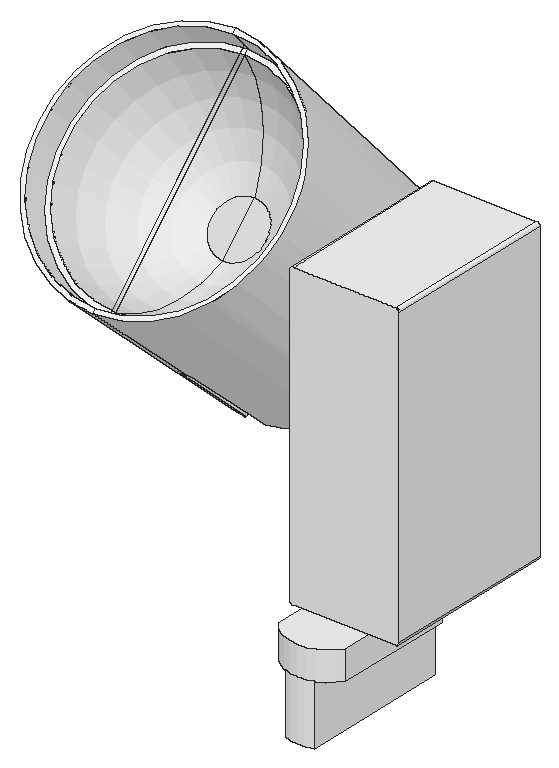
Revit family "0004877 Feilo Sylvania Lighting Fixture START TRACK SPOT L 35W 4K RA90 NB WHITE", category Lighting Fixtures, host Face, Revit 2017
Family settings
  Host = Face
  Round Connector Dimension = Use Diameter
  Part Type = Normal
  OmniClass Number = 23.80.70.00
  OmniClass Title = Lighting
  Cut with Voids When Loaded = No
  Light Source = No
  Shared = No
  Room Calculation Point = No
Parameters (values of type "0004877 START TRACK SPOT L 35W 4K RA90 NB WHITE")
  Weight = "1.368 kg"
  Wattage Comments = ""
  WarrantyStartDate [instance] = "n/a"
  WarrantyGuarantorParts = "n/a"
  WarrantyDurationUnit = "n/a"
  WarrantyDurationParts = "n/a"
  WarrantyDescription = "n/a"
  Voltage = 230 V
  URL = "http://www.sylvania-lighting.com"
  TypeName = "START TRACK SPOT L 35W 4K RA90 NB WHITE"
  TypeHead_FEILO = Start Track Spot Head : 0004877 START TRACK SPOT L 35W 4K RA90 NB WHITE
  TypeBox_FEILO = Start Track Spot Box : Type Large White
  Type Image = <None>
  Type Comments = "n/a"
  VerticalRotation_FEILO [instance] = 0.00°
  SlideEndAngle_FEILO [instance] = VerticalRotation_FEILO + 180.00°  # 180.00°
  SerialNumber [instance] = "n/a"
  Material_3_FEILO = none
  PowerFactor = 0.93
  PowerConsumption = "35 W"
  NominalLength = 0 mm
  NominalHeight = 240 mm
  NominalDepth = 164 mm
  Name = "START TRACK SPOT L 35W 4K RA90 NB WHITE"
  ModelReference = Name  # "START TRACK SPOT L 35W 4K RA90 NB WHITE"
  ModelNumber = "0004877"
  Model = Name  # "START TRACK SPOT L 35W 4K RA90 NB WHITE"
  Material = "adc12 aluminium housing, polycarbonate diffuser"
  ManufacturerName = "Feilo Sylvania"
  Manufacturer = "Feilo Sylvania"
  LuminousEfficacy = "103 lm/W"
  LuminaireType = ""
  LightOutputRatio = "100"
  LampsType = Lamp  # "LED"
  LampNominalLuminous = "3593 lm"
  LampMacAdamStep = "3"
  LampColourTemperature = "4000 K"
  LampColourRenderingIndex = "90"
  Lamp = "LED"
  Keynote = "16500"
  InstallationDate [instance] = "n/a"
  InputVoltage = "230-240V~"
  InputNominalFrequency = "50/60 Hz"
  IngressProtection = "IP20"
  ImpactProtectionIndex = "IK02"
  IfcExportType = "IfcLightFixtureType"
  IfcExportAs = "IfcLightFixtureType"
  HorizontalRotation_FEILO [instance] = 45.00°
  ExpectedLife = 50000
  ElectricShockClassification = "Class II"
  DurationUnit = "hours"
  DocumentationLiterature = "http://www.sylvania-lighting.com/product/en-int/products/0004877"
  DimmingControlOptions = "Non dimmable"
  Material_2_FEILO = none
  Description = "Integrated LED spotlight, Textured White - RAL9016, compact and minimalist design, ideal for retail applications, die-cast aluminium body, passive cooling heatsink. Beam angle: 15°, color temperature: 4000K , total system power: 35W, total fixture output: 3593 lm, LOR: 100%, colour rendering: Ra: 90 typical, LED Chromaticity: 3 step MacAdam ellipse, lifetime: >50000 hours at L70B50, energy class: A++, A+, A, IR/UV free light source without heat radiation, operating voltage: 220-240V / 50-60Hz, drive current: 900mA, electronic driver, non-dimmable, power factor: 0.93, electrical protection: Class II, Global Track 3 Phase adapter suitable for Global trac 3-circuit tracks, ingress protection rating: IP20, suitable for internal environment only, horizontal rotation: 355°, vertical tilt: 90°, dimensions: Ø113x164x240, weight: 1.368kg."
  Default Elevation = 1219.2 mm
  CreatedOn = "12/12/2017"
  CreatedBy = ""
  Cost = 0
  built-in parameter 1114216 [instance] = (empty or 0)
  ClassificationValue = "EF_70_80"
  ClassificationName = "Uniclass2015"
  Material_1_FEILO = Body-Sylvania-StartTrackSpot-White
  BarCode [instance] = "n/a"
  AssetType = "Fixed"
  AssetIdentifier [instance] = "n/a"
  Assembly Code = "D5020200"
  Apparent Load = 35 VA
  Material_4_FEILO = none
Reference planes
  plane 1 "Center (Front/Back)": y = 0
  plane 2: z = 0
  plane 3 "Center (Left/Right)": x = 0
  plane 4: x = 15
  plane 5: x = -15
  plane 6: y = 35
  plane 7: y = -35
  plane 8: z = 13
  plane 9: z = -27
  plane 10: x = 6.5
  plane 11: x = -6.5
  plane 12: y = 27
  plane 13: y = -27
  plane 14: y = 20
Forms (mm)
  Extrusion 1, solid, material "Body-Sylvania-StartTrackSpot-White" <- "Material_1_FEILO"
    sketch origin (0, 0, 0) x (1, 0, 0) y (0, 1, 0)
      loop
        line (-15, 27) -> (-15, -27)
        arc (-15, -27) -> (0, -35) -> (15, -27) r 18.062
        line (15, -27) -> (15, 27)
        arc (15, 27) -> (0, 35) -> (-15, 27) r 18.062
    from 0 to 13
  Extrusion 2, solid, material "Body-Sylvania-StartTrackSpot-White" <- "Material_1_FEILO"
    sketch origin (0, 0, 0) x (1, 0, 0) y (0, 1, 0)
      loop
        arc (6.5, 33.79) -> (0, 35) -> (-6.5, 33.79) r 18.062
        line (-6.5, 33.79) -> (-6.5, -33.79)
        arc (-6.5, -33.79) -> (0, -35) -> (6.5, -33.79) r 18.062
        line (6.5, -33.79) -> (6.5, 33.79)
    from 0 to -27
  Revolve 3, solid, not visible
    sketch origin (1524, 20, 1219.2) x (1, 0, 0) y (0, 0, 1)
      loop
        line (-1524, -1206.2) -> (-1524, -1191.285) -> (-1530.5, -1191.285) -> (-1530.5, -1206.2) -> (-1524, -1206.2)
      axis (-1524, -1191.285) -> (-1524, -1206.2)
    angle from 0 <- "VerticalRotation_FEILO" to 180 <- "SlideEndAngle_FEILO"
Cuts and joins
  joined: Extrusion 1, Extrusion 2
Dimensions and locks
  equal spacing: plane 10, plane 3 "Center (Left/Right)", plane 11
  equal spacing: plane 4, plane 3 "Center (Left/Right)", plane 5
  locked: plane 8 to plane 2 at 13
  locked: plane 8 to plane 9 at 40
  equal spacing: plane 13, plane 1 "Center (Front/Back)", plane 12
  locked: plane 12 to plane 6 at 8
  locked: plane 14 to plane 6 at 15
  locked: Revolve 3 sketch curve to plane 8 at 14.915
  aligned and locked: plane 2 to host face
  aligned and locked: level to host face
  aligned and locked: plane 5 to Extrusion 1 sketch curve  (x2)
  aligned and locked: plane 12 to Extrusion 1 sketch curve
  aligned and locked: plane 13 to Extrusion 1 sketch curve
  aligned and locked: plane 4 to Extrusion 1 sketch curve
  aligned and locked: Extrusion 1 to plane 8
  aligned and locked: Extrusion 1 to level
  aligned and locked: Extrusion 2 sketch curve to Extrusion 1  (x2)
  aligned and locked: Extrusion 2 sketch curve to plane 11
  aligned and locked: plane 10 to Extrusion 2 sketch curve
  aligned and locked: plane 9 to Extrusion 2
  aligned and locked: level to Extrusion 2
  aligned and locked: Revolve 3 sketch curve to plane 3 "Center (Left/Right)"  (x2)
  aligned and locked: plane 11 to Revolve 3 sketch curve
  aligned and locked: Revolve 3 sketch curve to plane 8
Automatic sketch dimensions
  host sketch curve to host sketch curve = 2438.4 mm  (x2)
  Extrusion 1 sketch curve to plane 3 "Center (Left/Right)" = 0 mm  (x2)
  Extrusion 1 sketch curve to plane 13 = 10.062 mm
  plane 12 to Extrusion 1 sketch curve = 10.062 mm
  Revolve 3 sketch curve to plane 3 "Center (Left/Right)" = 0 mm
  plane 9 to Revolve 3 sketch curve = 582.6 mm
  Revolve 3 sketch curve to Revolve 3 sketch curve = 2581.144 mm
Nested families
  nested 1: "Start Track Spot Head" at (-75.5, 20, 133) x (0, 0.7071, 0.7071) z (0, 0.7071, -0.7071), type <- "TypeHead_FEILO", type "0004877 START TRACK SPOT L 35W 4K RA90 NB WHITE"
    with built-in parameter 1114216 (empty or 0)
  nested 2: "Start Track Spot Box" at (8.5, 20, 85) x (-1, 0, 0) z (0, -1, 0), BoxStartAngle_FEILO <- "HorizontalRotation_FEILO", type <- "TypeBox_FEILO", type "Type Large White"
    with BoxStartAngle_FEILO 45.00°, BoxEndAngle_FEILO -135.00°
Connectors
  electrical at (0, 0, 0), driven by "Apparent Load", driven by "PowerFactor", driven by "Voltage"
    settings: index 1, voltage 230 V, apparent load 35 VA, apparent load phase1 0 VA, apparent load phase2 0 VA, apparent load phase3 0 VA, power factor 0.93, load classification "Lighting", number of poles 1, system type 30, power factor state 1, is connector primary yes, connector utility no, sub classification motor no, connector description ""
Definition of nested family "Start Track Spot Head"
  Parameters (values of type "0004811 START TRACK SPOT S 14W 3K RA80 NB WHITE")
    Wattage Comments = "n/a"
    Wattage = 14 W
    built-in parameter 1150110 = 1 (stored number, unit not read)
    URL = "http://www.feilosylvania.com"
    Type Image = (empty or 0)
    Type Comments = "n/a"
    built-in parameter 1114217 = 1 (stored number, unit not read)
    Tilt Angle = -90.00°
    built-in parameter 1150109 = 1 (stored number, unit not read)
    built-in parameter 1150134 = (empty or 0)
    built-in parameter 1150113 = 1 (stored number, unit not read)
    Photometric Web File = "0004811.ies"
    Material_3_FEILO = none
    Model = "START TRACK SPOT S 14W 3K RA80 NB WHITE"
    Manufacturer = "Feilo Sylvania"
    built-in parameter 1150105 = 123.66 (stored number, unit not read)
    Lumens = 1554 lm
    built-in parameter 1150115 = 1 (stored number, unit not read)
    built-in parameter 1150137 = (empty or 0)
    built-in parameter 1150139 = (empty or 0)
    built-in parameter 1150112 = 1 (stored number, unit not read)
    built-in parameter 1150114 = 1 (stored number, unit not read)
    Lamp = "LED"
    Keynote = "16500"
    Material_2_FEILO = none
    built-in parameter 1150132 = (empty or 0)
    built-in parameter 1150102 = (empty or 0)
    built-in parameter 1150107 = 3000 (stored number, unit not read)
    built-in parameter 1150138 = (empty or 0)
    built-in parameter 1150106 = 1.2366 (stored number, unit not read)
    HeadThickness_FEILO = if(HeadDiaOut_FEILO > 112 mm, 2 mm, 1.5 mm)  # 1.5 mm
    HeadRibOffset_FEILO = HeadHeight_FEILO / 28  # 4.179 mm
    HeadRibDepth_FEILO = HeadHeight_FEILO / 2.1  # 55.714 mm
    HeadRibCutWidth_FEILO = HeadDiaOut_FEILO / 12  # 7.167 mm
    HeadRibCutOffset_FEILO = HeadHeight_FEILO / 2.3  # 50.87 mm
    HeadReflectorRadius_FEILO = HeadDiaOut_FEILO / 1.7  # 50.588 mm
    HeadReflectorOffset_FEILO = HeadHeight_FEILO / 2.1  # 55.714 mm
    HeadLEDRadius_FEILO = HeadDiaOut_FEILO / 9  # 9.556 mm
    HeadHeight_FEILO = 117 mm
    HeadDraft_FEILO = 1 mm
    HeadDiffusorThickness_FEILO = 3 mm
    HeadDiffusorOffset_FEILO = HeadHeight_FEILO / 12.4  # 9.435 mm
    HeadDiaOut_FEILO = 86 mm
    HeadDiaIn_FEILO = HeadDiaOut_FEILO / 1.11  # 77.477 mm
    HeadAxisFromTop_FEILO = HeadHeight_FEILO / 1.687  # 69.354 mm
    Emit from Circle Diameter = HeadDiaIn_FEILO  # 77.477 mm
    Emit Shape Visible in Rendering = no
    built-in parameter 1150104 = 10.312 (stored number, unit not read)
    Dimming Lamp Color Temperature Shift = (empty or 0)
    Description = "Integrated LED spotlight, Textured White - RAL9016, compact and minimalist design, ideal for retail applications, die-cast aluminium body, passive cooling heatsink. Beam angle: 12°, color temperature: 3000K , total system power: 14W, total fixture output: 1551 lm, LOR: 100%, colour rendering: Ra: 80 typical, LED Chromaticity: 3 step MacAdam ellipse, lifetime: >50000 hours at L70B50, energy class: A++, A+, A, IR/UV free light source without heat radiation, operating voltage: 220-240V / 50-60Hz, drive current: 350mA, electronic driver, non-dimmable, power factor: 0.92, electrical protection: Class II, Global Track 3 Phase adapter suitable for Global trac 3-circuit tracks, ingress protection rating: IP20, suitable for internal environment only, horizontal rotation: 355°, vertical tilt: 90°, dimensions: Ø86x140x200, weight: 0.940kg."
    Default Elevation = 1219.2 mm
    Cost = 0
    Color Filter = 16777215
    built-in parameter 1114216 [instance] = (empty or 0)
    Material_1_FEILO = none
    built-in parameter 1114218 = 1 (stored number, unit not read)
    built-in parameter 1150133 = 10 (stored number, unit not read)
    Assembly Code = "D5020200"
    Apparent Load = 14 VA
    Material_4_FEILO = none
  Types (96, lengths in mm): name | Wattage | built-in parameter 1150134 | Photometric Web File | Model | built-in parameter 1150105 | Lumens | built-in parameter 1150107 | built-in parameter 1150106 | HeadThickness_FEILO | HeadRibOffset_FEILO | HeadRibDepth_FEILO | HeadRibCutWidth_FEILO | HeadRibCutOffset_FEILO | HeadReflectorRadius_FEILO | HeadReflectorOffset_FEILO | HeadLEDRadius_FEILO | HeadHeight_FEILO | HeadDiffusorOffset_FEILO | HeadDiaOut_FEILO | HeadDiaIn_FEILO | HeadAxisFromTop_FEILO | Emit from Circle Diameter | built-in parameter 1150104 | Description | Apparent Load
    0004906 START TRACK SPOT L 55W 4K RA90 WB BLACK | 55 W | 12 | "0004906.ies" | "START TRACK SPOT L 55W 4K RA90 WB BLACK" | 385.15 (stored number, unit not read) | 4840 lm | 4000 (stored number, unit not read) | 3.8515 (stored number, unit not read) | 2 | 4.429 | 59.048 | 9.417 | 53.913 | 66.471 | 59.048 | 12.556 | 124 | 10 | 113 | 101.802 | 73.503 | 101.802 | 8.1755 (stored number, unit not read) | "Integrated LED spotlight, Textured Black - RAL9005, compact and minimalist design, ideal for retail applications, die-cast aluminium body, passive cooling heatsink. Beam angle: 52°, color temperature: 4000K , total system power: 55W, total fixture output: 4824 lm, LOR: 100%, colour rendering: Ra: 90 typical, LED Chromaticity: 3 step MacAdam ellipse, lifetime: >50000 hours at L70B50, energy class: A++, A+, A, IR/UV free light source without heat radiation, operating voltage: 220-240V / 50-60Hz, drive current: 1400mA, electronic driver, non-dimmable, power factor: 0.96, electrical protection: Class II, Global Track 3 Phase adapter suitable for Global trac 3-circuit tracks, ingress protection rating: IP20, suitable for internal environment only, horizontal rotation: 355°, vertical tilt: 90°, dimensions: Ø113x164x240, weight: 1.398kg." | 55 VA
    0004905 START TRACK SPOT L 55W 4K RA90 MB BLACK | 55 W | 12 | "0004905.ies" | "START TRACK SPOT L 55W 4K RA90 MB BLACK" | 389.53 (stored number, unit not read) | 4895 lm | 4000 (stored number, unit not read) | 3.8953 (stored number, unit not read) | 2 | 4.429 | 59.048 | 9.417 | 53.913 | 66.471 | 59.048 | 12.556 | 124 | 10 | 113 | 101.802 | 73.503 | 101.802 | 8.2684 (stored number, unit not read) | "Integrated LED spotlight, Textured Black - RAL9005, compact and minimalist design, ideal for retail applications, die-cast aluminium body, passive cooling heatsink. Beam angle: 38°, color temperature: 4000K , total system power: 55W, total fixture output: 4897 lm, LOR: 100%, colour rendering: Ra: 90 typical, LED Chromaticity: 3 step MacAdam ellipse, lifetime: >50000 hours at L70B50, energy class: A++, A+, A, IR/UV free light source without heat radiation, operating voltage: 220-240V / 50-60Hz, drive current: 1400mA, electronic driver, non-dimmable, power factor: 0.96, electrical protection: Class II, Global Track 3 Phase adapter suitable for Global trac 3-circuit tracks, ingress protection rating: IP20, suitable for internal environment only, horizontal rotation: 355°, vertical tilt: 90°, dimensions: Ø113x164x240, weight: 1.398kg." | 55 VA
    0004904 START TRACK SPOT L 55W 4K RA90 NB BLACK | 55 W | 12 | "0004904.ies" | "START TRACK SPOT L 55W 4K RA90 NB BLACK" | 393.91 (stored number, unit not read) | 4950 lm | 4000 (stored number, unit not read) | 3.9391 (stored number, unit not read) | 2 | 4.429 | 59.048 | 9.417 | 53.913 | 66.471 | 59.048 | 12.556 | 124 | 10 | 113 | 101.802 | 73.503 | 101.802 | 8.3613 (stored number, unit not read) | "Integrated LED spotlight, Textured Black - RAL9005, compact and minimalist design, ideal for retail applications, die-cast aluminium body, passive cooling heatsink. Beam angle: 15°, color temperature: 4000K , total system power: 55W, total fixture output: 4965 lm, LOR: 100%, colour rendering: Ra: 90 typical, LED Chromaticity: 3 step MacAdam ellipse, lifetime: >50000 hours at L70B50, energy class: A++, A+, A, IR/UV free light source without heat radiation, operating voltage: 220-240V / 50-60Hz, drive current: 1400mA, electronic driver, non-dimmable, power factor: 0.96, electrical protection: Class II, Global Track 3 Phase adapter suitable for Global trac 3-circuit tracks, ingress protection rating: IP20, suitable for internal environment only, horizontal rotation: 355°, vertical tilt: 90°, dimensions: Ø113x164x240, weight: 1.398kg." | 55 VA
    0004903 START TRACK SPOT L 35W 4K RA90 WB BLACK | 35 W | 12 | "0004903.ies" | "START TRACK SPOT L 35W 4K RA90 WB BLACK" | 284.09 (stored number, unit not read) | 3570 lm | 4000 (stored number, unit not read) | 2.8409 (stored number, unit not read) | 2 | 4.429 | 59.048 | 9.417 | 53.913 | 66.471 | 59.048 | 12.556 | 124 | 10 | 113 | 101.802 | 73.503 | 101.802 | 9.4761 (stored number, unit not read) | "Integrated LED spotlight, Textured Black - RAL9005, compact and minimalist design, ideal for retail applications, die-cast aluminium body, passive cooling heatsink. Beam angle: 52°, color temperature: 4000K , total system power: 35W, total fixture output: 3562 lm, LOR: 100%, colour rendering: Ra: 90 typical, LED Chromaticity: 3 step MacAdam ellipse, lifetime: >50000 hours at L70B50, energy class: A++, A+, A, IR/UV free light source without heat radiation, operating voltage: 220-240V / 50-60Hz, drive current: 900mA, electronic driver, non-dimmable, power factor: 0.93, electrical protection: Class II, Global Track 3 Phase adapter suitable for Global trac 3-circuit tracks, ingress protection rating: IP20, suitable for internal environment only, horizontal rotation: 355°, vertical tilt: 90°, dimensions: Ø113x164x240, weight: 1.368kg." | 35 VA
    0004902 START TRACK SPOT L 35W 4K RA90 MB BLACK | 35 W | 12 | "0004902.ies" | "START TRACK SPOT L 35W 4K RA90 MB BLACK" | 286.88 (stored number, unit not read) | 3605 lm | 4000 (stored number, unit not read) | 2.8688 (stored number, unit not read) | 2 | 4.429 | 59.048 | 9.417 | 53.913 | 66.471 | 59.048 | 12.556 | 124 | 10 | 113 | 101.802 | 73.503 | 101.802 | 9.569 (stored number, unit not read) | "Integrated LED spotlight, Textured Black - RAL9005, compact and minimalist design, ideal for retail applications, die-cast aluminium body, passive cooling heatsink. Beam angle: 38°, color temperature: 4000K , total system power: 35W, total fixture output: 3616 lm, LOR: 100%, colour rendering: Ra: 90 typical, LED Chromaticity: 3 step MacAdam ellipse, lifetime: >50000 hours at L70B50, energy class: A++, A+, A, IR/UV free light source without heat radiation, operating voltage: 220-240V / 50-60Hz, drive current: 900mA, electronic driver, non-dimmable, power factor: 0.93, electrical protection: Class II, Global Track 3 Phase adapter suitable for Global trac 3-circuit tracks, ingress protection rating: IP20, suitable for internal environment only, horizontal rotation: 355°, vertical tilt: 90°, dimensions: Ø113x164x240, weight: 1.368kg." | 35 VA
    0004901 START TRACK SPOT L 35W 4K RA90 NB BLACK | 35 W | 12 | "0004901.ies" | "START TRACK SPOT L 35W 4K RA90 NB BLACK" | 286.88 (stored number, unit not read) | 3605 lm | 4000 (stored number, unit not read) | 2.8688 (stored number, unit not read) | 2 | 4.429 | 59.048 | 9.417 | 53.913 | 66.471 | 59.048 | 12.556 | 124 | 10 | 113 | 101.802 | 73.503 | 101.802 | 9.569 (stored number, unit not read) | "Integrated LED spotlight, Textured Black - RAL9005, compact and minimalist design, ideal for retail applications, die-cast aluminium body, passive cooling heatsink. Beam angle: 15°, color temperature: 4000K , total system power: 35W, total fixture output: 3593 lm, LOR: 100%, colour rendering: Ra: 90 typical, LED Chromaticity: 3 step MacAdam ellipse, lifetime: >50000 hours at L70B50, energy class: A++, A+, A, IR/UV free light source without heat radiation, operating voltage: 220-240V / 50-60Hz, drive current: 900mA, electronic driver, non-dimmable, power factor: 0.93, electrical protection: Class II, Global Track 3 Phase adapter suitable for Global trac 3-circuit tracks, ingress protection rating: IP20, suitable for internal environment only, horizontal rotation: 355°, vertical tilt: 90°, dimensions: Ø113x164x240, weight: 1.368kg." | 35 VA
    0004900 START TRACK SPOT S 24W 4K RA90 WB BLACK | 24 W | 12 | "0004900.ies" | "START TRACK SPOT S 24W 4K RA90 WB BLACK" | 166.16 (stored number, unit not read) | 2088 lm | 4000 (stored number, unit not read) | 1.6616 (stored number, unit not read) | 1.5 | 4.179 | 55.714 | 7.167 | 50.87 | 50.588 | 55.714 | 9.556 | 117 | 9.435 | 86 | 77.477 | 69.354 | 77.477 | 8.0826 (stored number, unit not read) | "Integrated LED spotlight, Textured Black - RAL9005, compact and minimalist design, ideal for retail applications, die-cast aluminium body, passive cooling heatsink. Beam angle: 64°, color temperature: 4000K , total system power: 24W, total fixture output: 2087 lm, LOR: 100%, colour rendering: Ra: 90 typical, LED Chromaticity: 3 step MacAdam ellipse, lifetime: >50000 hours at L70B50, energy class: A++, A+, A, IR/UV free light source without heat radiation, operating voltage: 220-240V / 50-60Hz, drive current: 600mA, electronic driver, non-dimmable, power factor: 0.95, electrical protection: Class II, Global Track 3 Phase adapter suitable for Global trac 3-circuit tracks, ingress protection rating: IP20, suitable for internal environment only, horizontal rotation: 355°, vertical tilt: 90°, dimensions: Ø86x140x200, weight: 0.966kg." | 24 VA
    0004899 START TRACK SPOT S 24W 4K RA90 MB BLACK | 24 W | 12 | "0004899.ies" | "START TRACK SPOT S 24W 4K RA90 MB BLACK" | 169.98 (stored number, unit not read) | 2136 lm | 4000 (stored number, unit not read) | 1.6998 (stored number, unit not read) | 1.5 | 4.179 | 55.714 | 7.167 | 50.87 | 50.588 | 55.714 | 9.556 | 117 | 9.435 | 86 | 77.477 | 69.354 | 77.477 | 8.2684 (stored number, unit not read) | "Integrated LED spotlight, Textured Black - RAL9005, compact and minimalist design, ideal for retail applications, die-cast aluminium body, passive cooling heatsink. Beam angle: 36°, color temperature: 4000K , total system power: 24W, total fixture output: 2141 lm, LOR: 100%, colour rendering: Ra: 90 typical, LED Chromaticity: 3 step MacAdam ellipse, lifetime: >50000 hours at L70B50, energy class: A++, A+, A, IR/UV free light source without heat radiation, operating voltage: 220-240V / 50-60Hz, drive current: 600mA, electronic driver, non-dimmable, power factor: 0.95, electrical protection: Class II, Global Track 3 Phase adapter suitable for Global trac 3-circuit tracks, ingress protection rating: IP20, suitable for internal environment only, horizontal rotation: 355°, vertical tilt: 90°, dimensions: Ø86x140x200, weight: 0.966kg." | 24 VA
    0004898 START TRACK SPOT S 24W 4K RA90 NB BLACK | 24 W | 12 | "0004898.ies" | "START TRACK SPOT S 24W 4K RA90 NB BLACK" | 171.89 (stored number, unit not read) | 2160 lm | 4000 (stored number, unit not read) | 1.7189 (stored number, unit not read) | 1.5 | 4.179 | 55.714 | 7.167 | 50.87 | 50.588 | 55.714 | 9.556 | 117 | 9.435 | 86 | 77.477 | 69.354 | 77.477 | 8.3613 (stored number, unit not read) | "Integrated LED spotlight, Textured Black - RAL9005, compact and minimalist design, ideal for retail applications, die-cast aluminium body, passive cooling heatsink. Beam angle: 12°, color temperature: 4000K , total system power: 24W, total fixture output: 2155 lm, LOR: 100%, colour rendering: Ra: 90 typical, LED Chromaticity: 3 step MacAdam ellipse, lifetime: >50000 hours at L70B50, energy class: A++, A+, A, IR/UV free light source without heat radiation, operating voltage: 220-240V / 50-60Hz, drive current: 600mA, electronic driver, non-dimmable, power factor: 0.95, electrical protection: Class II, Global Track 3 Phase adapter suitable for Global trac 3-circuit tracks, ingress protection rating: IP20, suitable for internal environment only, horizontal rotation: 355°, vertical tilt: 90°, dimensions: Ø86x140x200, weight: 0.966kg." | 24 VA
    0004897 START TRACK SPOT S 14W 4K RA90 WB BLACK | 14 W | 12 | "0004897.ies" | "START TRACK SPOT S 14W 4K RA90 WB BLACK" | 108.07 (stored number, unit not read) | 1358 lm | 4000 (stored number, unit not read) | 1.0807 (stored number, unit not read) | 1.5 | 4.179 | 55.714 | 7.167 | 50.87 | 50.588 | 55.714 | 9.556 | 117 | 9.435 | 86 | 77.477 | 69.354 | 77.477 | 9.0116 (stored number, unit not read) | "Integrated LED spotlight, Textured Black - RAL9005, compact and minimalist design, ideal for retail applications, die-cast aluminium body, passive cooling heatsink. Beam angle: 64°, color temperature: 4000K , total system power: 14W, total fixture output: 1352 lm, LOR: 100%, colour rendering: Ra: 90 typical, LED Chromaticity: 3 step MacAdam ellipse, lifetime: >50000 hours at L70B50, energy class: A++, A+, A, IR/UV free light source without heat radiation, operating voltage: 220-240V / 50-60Hz, drive current: 350mA, electronic driver, non-dimmable, power factor: 0.92, electrical protection: Class II, Global Track 3 Phase adapter suitable for Global trac 3-circuit tracks, ingress protection rating: IP20, suitable for internal environment only, horizontal rotation: 355°, vertical tilt: 90°, dimensions: Ø86x140x200, weight: 0.940kg." | 14 VA
    0004896 START TRACK SPOT S 14W 4K RA90 MB BLACK | 14 W | 12 | "0004896.ies" | "START TRACK SPOT S 14W 4K RA90 MB BLACK" | 108.07 (stored number, unit not read) | 1358 lm | 4000 (stored number, unit not read) | 1.0807 (stored number, unit not read) | 1.5 | 4.179 | 55.714 | 7.167 | 50.87 | 50.588 | 55.714 | 9.556 | 117 | 9.435 | 86 | 77.477 | 69.354 | 77.477 | 9.0116 (stored number, unit not read) | "Integrated LED spotlight, Textured Black - RAL9005, compact and minimalist design, ideal for retail applications, die-cast aluminium body, passive cooling heatsink. Beam angle: 36°, color temperature: 4000K , total system power: 14W, total fixture output: 1359 lm, LOR: 100%, colour rendering: Ra: 90 typical, LED Chromaticity: 3 step MacAdam ellipse, lifetime: >50000 hours at L70B50, energy class: A++, A+, A, IR/UV free light source without heat radiation, operating voltage: 220-240V / 50-60Hz, drive current: 350mA, electronic driver, non-dimmable, power factor: 0.92, electrical protection: Class II, Global Track 3 Phase adapter suitable for Global trac 3-circuit tracks, ingress protection rating: IP20, suitable for internal environment only, horizontal rotation: 355°, vertical tilt: 90°, dimensions: Ø86x140x200, weight: 0.940kg." | 14 VA
    0004895 START TRACK SPOT S 14W 4K RA90 NB BLACK | 14 W | 12 | "0004895.ies" | "START TRACK SPOT S 14W 4K RA90 NB BLACK" | 106.95 (stored number, unit not read) | 1344 lm | 4000 (stored number, unit not read) | 1.0695 (stored number, unit not read) | 1.5 | 4.179 | 55.714 | 7.167 | 50.87 | 50.588 | 55.714 | 9.556 | 117 | 9.435 | 86 | 77.477 | 69.354 | 77.477 | 8.9187 (stored number, unit not read) | "Integrated LED spotlight, Textured Black - RAL9005, compact and minimalist design, ideal for retail applications, die-cast aluminium body, passive cooling heatsink. Beam angle: 12°, color temperature: 4000K , total system power: 14W, total fixture output: 1349 lm, LOR: 100%, colour rendering: Ra: 90 typical, LED Chromaticity: 3 step MacAdam ellipse, lifetime: >50000 hours at L70B50, energy class: A++, A+, A, IR/UV free light source without heat radiation, operating voltage: 220-240V / 50-60Hz, drive current: 350mA, electronic driver, non-dimmable, power factor: 0.92, electrical protection: Class II, Global Track 3 Phase adapter suitable for Global trac 3-circuit tracks, ingress protection rating: IP20, suitable for internal environment only, horizontal rotation: 355°, vertical tilt: 90°, dimensions: Ø86x140x200, weight: 0.940kg." | 14 VA
    0004894 START TRACK SPOT L 55W 3K RA90 WB BLACK | 55 W | (empty or 0) | "0004894.ies" | "START TRACK SPOT L 55W 3K RA90 WB BLACK" | 350.14 (stored number, unit not read) | 4400 lm | 3000 (stored number, unit not read) | 3.5014 (stored number, unit not read) | 2 | 4.429 | 59.048 | 9.417 | 53.913 | 66.471 | 59.048 | 12.556 | 124 | 10 | 113 | 101.802 | 73.503 | 101.802 | 7.4322 (stored number, unit not read) | "Integrated LED spotlight, Textured Black - RAL9005, compact and minimalist design, ideal for retail applications, die-cast aluminium body, passive cooling heatsink. Beam angle: 52°, color temperature: 3000K , total system power: 55W, total fixture output: 4405 lm, LOR: 100%, colour rendering: Ra: 90 typical, LED Chromaticity: 3 step MacAdam ellipse, lifetime: >50000 hours at L70B50, energy class: A++, A+, A, IR/UV free light source without heat radiation, operating voltage: 220-240V / 50-60Hz, drive current: 1400mA, electronic driver, non-dimmable, power factor: 0.96, electrical protection: Class II, Global Track 3 Phase adapter suitable for Global trac 3-circuit tracks, ingress protection rating: IP20, suitable for internal environment only, horizontal rotation: 355°, vertical tilt: 90°, dimensions: Ø113x164x240, weight: 1.398kg." | 55 VA
    0004893 START TRACK SPOT L 55W 3K RA90 MB BLACK | 55 W | (empty or 0) | "0004893.ies" | "START TRACK SPOT L 55W 3K RA90 MB BLACK" | 354.52 (stored number, unit not read) | 4455 lm | 3000 (stored number, unit not read) | 3.5452 (stored number, unit not read) | 2 | 4.429 | 59.048 | 9.417 | 53.913 | 66.471 | 59.048 | 12.556 | 124 | 10 | 113 | 101.802 | 73.503 | 101.802 | 7.5251 (stored number, unit not read) | "Integrated LED spotlight, Textured Black - RAL9005, compact and minimalist design, ideal for retail applications, die-cast aluminium body, passive cooling heatsink. Beam angle: 38°, color temperature: 3000K , total system power: 55W, total fixture output: 4448 lm, LOR: 100%, colour rendering: Ra: 90 typical, LED Chromaticity: 3 step MacAdam ellipse, lifetime: >50000 hours at L70B50, energy class: A++, A+, A, IR/UV free light source without heat radiation, operating voltage: 220-240V / 50-60Hz, drive current: 1400mA, electronic driver, non-dimmable, power factor: 0.96, electrical protection: Class II, Global Track 3 Phase adapter suitable for Global trac 3-circuit tracks, ingress protection rating: IP20, suitable for internal environment only, horizontal rotation: 355°, vertical tilt: 90°, dimensions: Ø113x164x240, weight: 1.398kg." | 55 VA
    0004892 START TRACK SPOT L 55W 3K RA90 NB BLACK | 55 W | (empty or 0) | "0004892.ies" | "START TRACK SPOT L 55W 3K RA90 NB BLACK" | 350.14 (stored number, unit not read) | 4400 lm | 3000 (stored number, unit not read) | 3.5014 (stored number, unit not read) | 2 | 4.429 | 59.048 | 9.417 | 53.913 | 66.471 | 59.048 | 12.556 | 124 | 10 | 113 | 101.802 | 73.503 | 101.802 | 7.4322 (stored number, unit not read) | "Integrated LED spotlight, Textured Black - RAL9005, compact and minimalist design, ideal for retail applications, die-cast aluminium body, passive cooling heatsink. Beam angle: 15°, color temperature: 3000K , total system power: 55W, total fixture output: 4416 lm, LOR: 100%, colour rendering: Ra: 90 typical, LED Chromaticity: 3 step MacAdam ellipse, lifetime: >50000 hours at L70B50, energy class: A++, A+, A, IR/UV free light source without heat radiation, operating voltage: 220-240V / 50-60Hz, drive current: 1400mA, electronic driver, non-dimmable, power factor: 0.96, electrical protection: Class II, Global Track 3 Phase adapter suitable for Global trac 3-circuit tracks, ingress protection rating: IP20, suitable for internal environment only, horizontal rotation: 355°, vertical tilt: 90°, dimensions: Ø113x164x240, weight: 1.398kg." | 55 VA
    0004891 START TRACK SPOT L 35W 3K RA90 WB BLACK | 35 W | (empty or 0) | "0004891.ies" | "START TRACK SPOT L 35W 3K RA90 WB BLACK" | 259.02 (stored number, unit not read) | 3255 lm | 3000 (stored number, unit not read) | 2.5902 (stored number, unit not read) | 2 | 4.429 | 59.048 | 9.417 | 53.913 | 66.471 | 59.048 | 12.556 | 124 | 10 | 113 | 101.802 | 73.503 | 101.802 | 8.64 (stored number, unit not read) | "Integrated LED spotlight, Textured Black - RAL9005, compact and minimalist design, ideal for retail applications, die-cast aluminium body, passive cooling heatsink. Beam angle: 52°, color temperature: 3000K , total system power: 35W, total fixture output: 3260 lm, LOR: 100%, colour rendering: Ra: 90 typical, LED Chromaticity: 3 step MacAdam ellipse, lifetime: >50000 hours at L70B50, energy class: A++, A+, A, IR/UV free light source without heat radiation, operating voltage: 220-240V / 50-60Hz, drive current: 900mA, electronic driver, non-dimmable, power factor: 0.93, electrical protection: Class II, Global Track 3 Phase adapter suitable for Global trac 3-circuit tracks, ingress protection rating: IP20, suitable for internal environment only, horizontal rotation: 355°, vertical tilt: 90°, dimensions: Ø113x164x240, weight: 1.368kg." | 35 VA
    0004890 START TRACK SPOT L 35W 3K RA90 MB BLACK | 35 W | (empty or 0) | "0004890.ies" | "START TRACK SPOT L 35W 3K RA90 MB BLACK" | 261.81 (stored number, unit not read) | 3290 lm | 3000 (stored number, unit not read) | 2.6181 (stored number, unit not read) | 2 | 4.429 | 59.048 | 9.417 | 53.913 | 66.471 | 59.048 | 12.556 | 124 | 10 | 113 | 101.802 | 73.503 | 101.802 | 8.7329 (stored number, unit not read) | "Integrated LED spotlight, Textured Black - RAL9005, compact and minimalist design, ideal for retail applications, die-cast aluminium body, passive cooling heatsink. Beam angle: 38°, color temperature: 3000K , total system power: 35W, total fixture output: 3306 lm, LOR: 100%, colour rendering: Ra: 90 typical, LED Chromaticity: 3 step MacAdam ellipse, lifetime: >50000 hours at L70B50, energy class: A++, A+, A, IR/UV free light source without heat radiation, operating voltage: 220-240V / 50-60Hz, drive current: 900mA, electronic driver, non-dimmable, power factor: 0.93, electrical protection: Class II, Global Track 3 Phase adapter suitable for Global trac 3-circuit tracks, ingress protection rating: IP20, suitable for internal environment only, horizontal rotation: 355°, vertical tilt: 90°, dimensions: Ø113x164x240, weight: 1.368kg." | 35 VA
    0004889 START TRACK SPOT L 35W 3K RA90 NB BLACK | 35 W | (empty or 0) | "0004889.ies" | "START TRACK SPOT L 35W 3K RA90 NB BLACK" | 261.81 (stored number, unit not read) | 3290 lm | 3000 (stored number, unit not read) | 2.6181 (stored number, unit not read) | 2 | 4.429 | 59.048 | 9.417 | 53.913 | 66.471 | 59.048 | 12.556 | 124 | 10 | 113 | 101.802 | 73.503 | 101.802 | 8.7329 (stored number, unit not read) | "Integrated LED spotlight, Textured Black - RAL9005, compact and minimalist design, ideal for retail applications, die-cast aluminium body, passive cooling heatsink. Beam angle: 15°, color temperature: 3000K , total system power: 35W, total fixture output: 3287 lm, LOR: 100%, colour rendering: Ra: 90 typical, LED Chromaticity: 3 step MacAdam ellipse, lifetime: >50000 hours at L70B50, energy class: A++, A+, A, IR/UV free light source without heat radiation, operating voltage: 220-240V / 50-60Hz, drive current: 900mA, electronic driver, non-dimmable, power factor: 0.93, electrical protection: Class II, Global Track 3 Phase adapter suitable for Global trac 3-circuit tracks, ingress protection rating: IP20, suitable for internal environment only, horizontal rotation: 355°, vertical tilt: 90°, dimensions: Ø113x164x240, weight: 1.368kg." | 35 VA
    0004888 START TRACK SPOT S 24W 3K RA90 WB BLACK | 24 W | (empty or 0) | "0004888.ies" | "START TRACK SPOT S 24W 3K RA90 WB BLACK" | 152.79 (stored number, unit not read) | 1920 lm | 3000 (stored number, unit not read) | 1.5279 (stored number, unit not read) | 1.5 | 4.179 | 55.714 | 7.167 | 50.87 | 50.588 | 55.714 | 9.556 | 117 | 9.435 | 86 | 77.477 | 69.354 | 77.477 | 7.4322 (stored number, unit not read) | "Integrated LED spotlight, Textured Black - RAL9005, compact and minimalist design, ideal for retail applications, die-cast aluminium body, passive cooling heatsink. Beam angle: 64°, color temperature: 3000K , total system power: 24W, total fixture output: 1928 lm, LOR: 100%, colour rendering: Ra: 90 typical, LED Chromaticity: 3 step MacAdam ellipse, lifetime: >50000 hours at L70B50, energy class: A++, A+, A, IR/UV free light source without heat radiation, operating voltage: 220-240V / 50-60Hz, drive current: 600mA, electronic driver, non-dimmable, power factor: 0.95, electrical protection: Class II, Global Track 3 Phase adapter suitable for Global trac 3-circuit tracks, ingress protection rating: IP20, suitable for internal environment only, horizontal rotation: 355°, vertical tilt: 90°, dimensions: Ø86x140x200, weight: 0.966kg." | 24 VA
    0004887 START TRACK SPOT S 24W 3K RA90 MB BLACK | 24 W | (empty or 0) | "0004887.ies" | "START TRACK SPOT S 24W 3K RA90 MB BLACK" | 154.7 (stored number, unit not read) | 1944 lm | 3000 (stored number, unit not read) | 1.547 (stored number, unit not read) | 1.5 | 4.179 | 55.714 | 7.167 | 50.87 | 50.588 | 55.714 | 9.556 | 117 | 9.435 | 86 | 77.477 | 69.354 | 77.477 | 7.5251 (stored number, unit not read) | "Integrated LED spotlight, Textured Black - RAL9005, compact and minimalist design, ideal for retail applications, die-cast aluminium body, passive cooling heatsink. Beam angle: 36°, color temperature: 3000K , total system power: 24W, total fixture output: 1944 lm, LOR: 100%, colour rendering: Ra: 90 typical, LED Chromaticity: 3 step MacAdam ellipse, lifetime: >50000 hours at L70B50, energy class: A++, A+, A, IR/UV free light source without heat radiation, operating voltage: 220-240V / 50-60Hz, drive current: 600mA, electronic driver, non-dimmable, power factor: 0.95, electrical protection: Class II, Global Track 3 Phase adapter suitable for Global trac 3-circuit tracks, ingress protection rating: IP20, suitable for internal environment only, horizontal rotation: 355°, vertical tilt: 90°, dimensions: Ø86x140x200, weight: 0.966kg." | 24 VA
    0004886 START TRACK SPOT S 24W 3K RA90 NB BLACK | 24 W | (empty or 0) | "0004886.ies" | "START TRACK SPOT S 24W 3K RA90 NB BLACK" | 158.52 (stored number, unit not read) | 1992 lm | 3000 (stored number, unit not read) | 1.5852 (stored number, unit not read) | 1.5 | 4.179 | 55.714 | 7.167 | 50.87 | 50.588 | 55.714 | 9.556 | 117 | 9.435 | 86 | 77.477 | 69.354 | 77.477 | 7.711 (stored number, unit not read) | "Integrated LED spotlight, Textured Black - RAL9005, compact and minimalist design, ideal for retail applications, die-cast aluminium body, passive cooling heatsink. Beam angle: 12°, color temperature: 3000K , total system power: 24W, total fixture output: 1987 lm, LOR: 100%, colour rendering: Ra: 90 typical, LED Chromaticity: 3 step MacAdam ellipse, lifetime: >50000 hours at L70B50, energy class: A++, A+, A, IR/UV free light source without heat radiation, operating voltage: 220-240V / 50-60Hz, drive current: 600mA, electronic driver, non-dimmable, power factor: 0.95, electrical protection: Class II, Global Track 3 Phase adapter suitable for Global trac 3-circuit tracks, ingress protection rating: IP20, suitable for internal environment only, horizontal rotation: 355°, vertical tilt: 90°, dimensions: Ø86x140x200, weight: 0.966kg." | 24 VA
    0004885 START TRACK SPOT S 14W 3K RA90 WB BLACK | 14 W | (empty or 0) | "0004885.ies" | "START TRACK SPOT S 14W 3K RA90 WB BLACK" | 100.27 (stored number, unit not read) | 1260 lm | 3000 (stored number, unit not read) | 1.0027 (stored number, unit not read) | 1.5 | 4.179 | 55.714 | 7.167 | 50.87 | 50.588 | 55.714 | 9.556 | 117 | 9.435 | 86 | 77.477 | 69.354 | 77.477 | 8.3613 (stored number, unit not read) | "Integrated LED spotlight, Textured Black - RAL9005, compact and minimalist design, ideal for retail applications, die-cast aluminium body, passive cooling heatsink. Beam angle: 64°, color temperature: 3000K , total system power: 14W, total fixture output: 1262 lm, LOR: 100%, colour rendering: Ra: 90 typical, LED Chromaticity: 3 step MacAdam ellipse, lifetime: >50000 hours at L70B50, energy class: A++, A+, A, IR/UV free light source without heat radiation, operating voltage: 220-240V / 50-60Hz, drive current: 350mA, electronic driver, non-dimmable, power factor: 0.92, electrical protection: Class II, Global Track 3 Phase adapter suitable for Global trac 3-circuit tracks, ingress protection rating: IP20, suitable for internal environment only, horizontal rotation: 355°, vertical tilt: 90°, dimensions: Ø86x140x200, weight: 0.940kg." | 14 VA
    0004884 START TRACK SPOT S 14W 3K RA90 MB BLACK | 14 W | (empty or 0) | "0004884.ies" | "START TRACK SPOT S 14W 3K RA90 MB BLACK" | 100.27 (stored number, unit not read) | 1260 lm | 3000 (stored number, unit not read) | 1.0027 (stored number, unit not read) | 1.5 | 4.179 | 55.714 | 7.167 | 50.87 | 50.588 | 55.714 | 9.556 | 117 | 9.435 | 86 | 77.477 | 69.354 | 77.477 | 8.3613 (stored number, unit not read) | "Integrated LED spotlight, Textured Black - RAL9005, compact and minimalist design, ideal for retail applications, die-cast aluminium body, passive cooling heatsink. Beam angle: 36°, color temperature: 3000K , total system power: 14W, total fixture output: 1262 lm, LOR: 100%, colour rendering: Ra: 90 typical, LED Chromaticity: 3 step MacAdam ellipse, lifetime: >50000 hours at L70B50, energy class: A++, A+, A, IR/UV free light source without heat radiation, operating voltage: 220-240V / 50-60Hz, drive current: 350mA, electronic driver, non-dimmable, power factor: 0.92, electrical protection: Class II, Global Track 3 Phase adapter suitable for Global trac 3-circuit tracks, ingress protection rating: IP20, suitable for internal environment only, horizontal rotation: 355°, vertical tilt: 90°, dimensions: Ø86x140x200, weight: 0.940kg." | 14 VA
    0004883 START TRACK SPOT S 14W 3K RA90 NB BLACK | 14 W | (empty or 0) | "0004883.ies" | "START TRACK SPOT S 14W 3K RA90 NB BLACK" | 102.5 (stored number, unit not read) | 1288 lm | 3000 (stored number, unit not read) | 1.025 (stored number, unit not read) | 1.5 | 4.179 | 55.714 | 7.167 | 50.87 | 50.588 | 55.714 | 9.556 | 117 | 9.435 | 86 | 77.477 | 69.354 | 77.477 | 8.5471 (stored number, unit not read) | "Integrated LED spotlight, Textured Black - RAL9005, compact and minimalist design, ideal for retail applications, die-cast aluminium body, passive cooling heatsink. Beam angle: 12°, color temperature: 3000K , total system power: 14W, total fixture output: 1284 lm, LOR: 100%, colour rendering: Ra: 90 typical, LED Chromaticity: 3 step MacAdam ellipse, lifetime: >50000 hours at L70B50, energy class: A++, A+, A, IR/UV free light source without heat radiation, operating voltage: 220-240V / 50-60Hz, drive current: 350mA, electronic driver, non-dimmable, power factor: 0.92, electrical protection: Class II, Global Track 3 Phase adapter suitable for Global trac 3-circuit tracks, ingress protection rating: IP20, suitable for internal environment only, horizontal rotation: 355°, vertical tilt: 90°, dimensions: Ø86x140x200, weight: 0.940kg." | 14 VA
    0004882 START TRACK SPOT L 55W 4K RA90 WB WHITE | 55 W | 12 | "0004882.ies" | "START TRACK SPOT L 55W 4K RA90 WB WHITE" | 385.15 (stored number, unit not read) | 4840 lm | 4000 (stored number, unit not read) | 3.8515 (stored number, unit not read) | 2 | 4.429 | 59.048 | 9.417 | 53.913 | 66.471 | 59.048 | 12.556 | 124 | 10 | 113 | 101.802 | 73.503 | 101.802 | 8.1755 (stored number, unit not read) | "Integrated LED spotlight, Textured White - RAL9016, compact and minimalist design, ideal for retail applications, die-cast aluminium body, passive cooling heatsink. Beam angle: 52°, color temperature: 4000K , total system power: 55W, total fixture output: 4824 lm, LOR: 100%, colour rendering: Ra: 90 typical, LED Chromaticity: 3 step MacAdam ellipse, lifetime: >50000 hours at L70B50, energy class: A++, A+, A, IR/UV free light source without heat radiation, operating voltage: 220-240V / 50-60Hz, drive current: 1400mA, electronic driver, non-dimmable, power factor: 0.96, electrical protection: Class II, Global Track 3 Phase adapter suitable for Global trac 3-circuit tracks, ingress protection rating: IP20, suitable for internal environment only, horizontal rotation: 355°, vertical tilt: 90°, dimensions: Ø113x164x240, weight: 1.398kg." | 55 VA
    0004881 START TRACK SPOT L 55W 4K RA90 MB WHITE | 55 W | 12 | "0004881.ies" | "START TRACK SPOT L 55W 4K RA90 MB WHITE" | 389.53 (stored number, unit not read) | 4895 lm | 4000 (stored number, unit not read) | 3.8953 (stored number, unit not read) | 2 | 4.429 | 59.048 | 9.417 | 53.913 | 66.471 | 59.048 | 12.556 | 124 | 10 | 113 | 101.802 | 73.503 | 101.802 | 8.2684 (stored number, unit not read) | "Integrated LED spotlight, Textured White - RAL9016, compact and minimalist design, ideal for retail applications, die-cast aluminium body, passive cooling heatsink. Beam angle: 38°, color temperature: 4000K , total system power: 55W, total fixture output: 4897 lm, LOR: 100%, colour rendering: Ra: 90 typical, LED Chromaticity: 3 step MacAdam ellipse, lifetime: >50000 hours at L70B50, energy class: A++, A+, A, IR/UV free light source without heat radiation, operating voltage: 220-240V / 50-60Hz, drive current: 1400mA, electronic driver, non-dimmable, power factor: 0.96, electrical protection: Class II, Global Track 3 Phase adapter suitable for Global trac 3-circuit tracks, ingress protection rating: IP20, suitable for internal environment only, horizontal rotation: 355°, vertical tilt: 90°, dimensions: Ø113x164x240, weight: 1.398kg." | 55 VA
    0004880 START TRACK SPOT L 55W 4K RA90 NB WHITE | 55 W | 12 | "0004880.ies" | "START TRACK SPOT L 55W 4K RA90 NB WHITE" | 393.91 (stored number, unit not read) | 4950 lm | 4000 (stored number, unit not read) | 3.9391 (stored number, unit not read) | 2 | 4.429 | 59.048 | 9.417 | 53.913 | 66.471 | 59.048 | 12.556 | 124 | 10 | 113 | 101.802 | 73.503 | 101.802 | 8.3613 (stored number, unit not read) | "Integrated LED spotlight, Textured White - RAL9016, compact and minimalist design, ideal for retail applications, die-cast aluminium body, passive cooling heatsink. Beam angle: 15°, color temperature: 4000K , total system power: 55W, total fixture output: 4965 lm, LOR: 100%, colour rendering: Ra: 90 typical, LED Chromaticity: 3 step MacAdam ellipse, lifetime: >50000 hours at L70B50, energy class: A++, A+, A, IR/UV free light source without heat radiation, operating voltage: 220-240V / 50-60Hz, drive current: 1400mA, electronic driver, non-dimmable, power factor: 0.96, electrical protection: Class II, Global Track 3 Phase adapter suitable for Global trac 3-circuit tracks, ingress protection rating: IP20, suitable for internal environment only, horizontal rotation: 355°, vertical tilt: 90°, dimensions: Ø113x164x240, weight: 1.398kg." | 55 VA
    0004879 START TRACK SPOT L 35W 4K RA90 WB WHITE | 35 W | 12 | "0004879.ies" | "START TRACK SPOT L 35W 4K RA90 WB WHITE" | 284.09 (stored number, unit not read) | 3570 lm | 4000 (stored number, unit not read) | 2.8409 (stored number, unit not read) | 2 | 4.429 | 59.048 | 9.417 | 53.913 | 66.471 | 59.048 | 12.556 | 124 | 10 | 113 | 101.802 | 73.503 | 101.802 | 9.4761 (stored number, unit not read) | "Integrated LED spotlight, Textured White - RAL9016, compact and minimalist design, ideal for retail applications, die-cast aluminium body, passive cooling heatsink. Beam angle: 52°, color temperature: 4000K , total system power: 35W, total fixture output: 3562 lm, LOR: 100%, colour rendering: Ra: 90 typical, LED Chromaticity: 3 step MacAdam ellipse, lifetime: >50000 hours at L70B50, energy class: A++, A+, A, IR/UV free light source without heat radiation, operating voltage: 220-240V / 50-60Hz, drive current: 900mA, electronic driver, non-dimmable, power factor: 0.93, electrical protection: Class II, Global Track 3 Phase adapter suitable for Global trac 3-circuit tracks, ingress protection rating: IP20, suitable for internal environment only, horizontal rotation: 355°, vertical tilt: 90°, dimensions: Ø113x164x240, weight: 1.368kg." | 35 VA
    0004878 START TRACK SPOT L 35W 4K RA90 MB WHITE | 35 W | 12 | "0004878.ies" | "START TRACK SPOT L 35W 4K RA90 MB WHITE" | 286.88 (stored number, unit not read) | 3605 lm | 4000 (stored number, unit not read) | 2.8688 (stored number, unit not read) | 2 | 4.429 | 59.048 | 9.417 | 53.913 | 66.471 | 59.048 | 12.556 | 124 | 10 | 113 | 101.802 | 73.503 | 101.802 | 9.569 (stored number, unit not read) | "Integrated LED spotlight, Textured White - RAL9016, compact and minimalist design, ideal for retail applications, die-cast aluminium body, passive cooling heatsink. Beam angle: 38°, color temperature: 4000K , total system power: 35W, total fixture output: 3616 lm, LOR: 100%, colour rendering: Ra: 90 typical, LED Chromaticity: 3 step MacAdam ellipse, lifetime: >50000 hours at L70B50, energy class: A++, A+, A, IR/UV free light source without heat radiation, operating voltage: 220-240V / 50-60Hz, drive current: 900mA, electronic driver, non-dimmable, power factor: 0.93, electrical protection: Class II, Global Track 3 Phase adapter suitable for Global trac 3-circuit tracks, ingress protection rating: IP20, suitable for internal environment only, horizontal rotation: 355°, vertical tilt: 90°, dimensions: Ø113x164x240, weight: 1.368kg." | 35 VA
    0004877 START TRACK SPOT L 35W 4K RA90 NB WHITE | 35 W | 12 | "0004877.ies" | "START TRACK SPOT L 35W 4K RA90 NB WHITE" | 286.88 (stored number, unit not read) | 3605 lm | 4000 (stored number, unit not read) | 2.8688 (stored number, unit not read) | 2 | 4.429 | 59.048 | 9.417 | 53.913 | 66.471 | 59.048 | 12.556 | 124 | 10 | 113 | 101.802 | 73.503 | 101.802 | 9.569 (stored number, unit not read) | "Integrated LED spotlight, Textured White - RAL9016, compact and minimalist design, ideal for retail applications, die-cast aluminium body, passive cooling heatsink. Beam angle: 15°, color temperature: 4000K , total system power: 35W, total fixture output: 3593 lm, LOR: 100%, colour rendering: Ra: 90 typical, LED Chromaticity: 3 step MacAdam ellipse, lifetime: >50000 hours at L70B50, energy class: A++, A+, A, IR/UV free light source without heat radiation, operating voltage: 220-240V / 50-60Hz, drive current: 900mA, electronic driver, non-dimmable, power factor: 0.93, electrical protection: Class II, Global Track 3 Phase adapter suitable for Global trac 3-circuit tracks, ingress protection rating: IP20, suitable for internal environment only, horizontal rotation: 355°, vertical tilt: 90°, dimensions: Ø113x164x240, weight: 1.368kg." | 35 VA
    0004876 START TRACK SPOT S 24W 4K RA90 WB WHITE | 24 W | 12 | "0004876.ies" | "START TRACK SPOT S 24W 4K RA90 WB WHITE" | 166.16 (stored number, unit not read) | 2088 lm | 4000 (stored number, unit not read) | 1.6616 (stored number, unit not read) | 1.5 | 4.179 | 55.714 | 7.167 | 50.87 | 50.588 | 55.714 | 9.556 | 117 | 9.435 | 86 | 77.477 | 69.354 | 77.477 | 8.0826 (stored number, unit not read) | "Integrated LED spotlight, Textured White - RAL9016, compact and minimalist design, ideal for retail applications, die-cast aluminium body, passive cooling heatsink. Beam angle: 64°, color temperature: 4000K , total system power: 24W, total fixture output: 2087 lm, LOR: 100%, colour rendering: Ra: 90 typical, LED Chromaticity: 3 step MacAdam ellipse, lifetime: >50000 hours at L70B50, energy class: A++, A+, A, IR/UV free light source without heat radiation, operating voltage: 220-240V / 50-60Hz, drive current: 600mA, electronic driver, non-dimmable, power factor: 0.95, electrical protection: Class II, Global Track 3 Phase adapter suitable for Global trac 3-circuit tracks, ingress protection rating: IP20, suitable for internal environment only, horizontal rotation: 355°, vertical tilt: 90°, dimensions: Ø86x140x200, weight: 0.966kg." | 24 VA
    0004875 START TRACK SPOT S 24W 4K RA90 MB WHITE | 24 W | 12 | "0004875.ies" | "START TRACK SPOT S 24W 4K RA90 MB WHITE" | 169.98 (stored number, unit not read) | 2136 lm | 4000 (stored number, unit not read) | 1.6998 (stored number, unit not read) | 1.5 | 4.179 | 55.714 | 7.167 | 50.87 | 50.588 | 55.714 | 9.556 | 117 | 9.435 | 86 | 77.477 | 69.354 | 77.477 | 8.2684 (stored number, unit not read) | "Integrated LED spotlight, Textured White - RAL9016, compact and minimalist design, ideal for retail applications, die-cast aluminium body, passive cooling heatsink. Beam angle: 36°, color temperature: 4000K , total system power: 24W, total fixture output: 2141 lm, LOR: 100%, colour rendering: Ra: 90 typical, LED Chromaticity: 3 step MacAdam ellipse, lifetime: >50000 hours at L70B50, energy class: A++, A+, A, IR/UV free light source without heat radiation, operating voltage: 220-240V / 50-60Hz, drive current: 600mA, electronic driver, non-dimmable, power factor: 0.95, electrical protection: Class II, Global Track 3 Phase adapter suitable for Global trac 3-circuit tracks, ingress protection rating: IP20, suitable for internal environment only, horizontal rotation: 355°, vertical tilt: 90°, dimensions: Ø86x140x200, weight: 0.966kg." | 24 VA
    0004874 START TRACK SPOT S 24W 4K RA90 NB WHITE | 24 W | 12 | "0004874.ies" | "START TRACK SPOT S 24W 4K RA90 NB WHITE" | 171.89 (stored number, unit not read) | 2160 lm | 4000 (stored number, unit not read) | 1.7189 (stored number, unit not read) | 1.5 | 4.179 | 55.714 | 7.167 | 50.87 | 50.588 | 55.714 | 9.556 | 117 | 9.435 | 86 | 77.477 | 69.354 | 77.477 | 8.3613 (stored number, unit not read) | "Integrated LED spotlight, Textured White - RAL9016, compact and minimalist design, ideal for retail applications, die-cast aluminium body, passive cooling heatsink. Beam angle: 12°, color temperature: 4000K , total system power: 24W, total fixture output: 2155 lm, LOR: 100%, colour rendering: Ra: 90 typical, LED Chromaticity: 3 step MacAdam ellipse, lifetime: >50000 hours at L70B50, energy class: A++, A+, A, IR/UV free light source without heat radiation, operating voltage: 220-240V / 50-60Hz, drive current: 600mA, electronic driver, non-dimmable, power factor: 0.95, electrical protection: Class II, Global Track 3 Phase adapter suitable for Global trac 3-circuit tracks, ingress protection rating: IP20, suitable for internal environment only, horizontal rotation: 355°, vertical tilt: 90°, dimensions: Ø86x140x200, weight: 0.966kg." | 24 VA
    0004873 START TRACK SPOT S 14W 4K RA90 WB WHITE | 14 W | 12 | "0004873.ies" | "START TRACK SPOT S 14W 4K RA90 WB WHITE" | 108.07 (stored number, unit not read) | 1358 lm | 4000 (stored number, unit not read) | 1.0807 (stored number, unit not read) | 1.5 | 4.179 | 55.714 | 7.167 | 50.87 | 50.588 | 55.714 | 9.556 | 117 | 9.435 | 86 | 77.477 | 69.354 | 77.477 | 9.0116 (stored number, unit not read) | "Integrated LED spotlight, Textured White - RAL9016, compact and minimalist design, ideal for retail applications, die-cast aluminium body, passive cooling heatsink. Beam angle: 64°, color temperature: 4000K , total system power: 14W, total fixture output: 1352 lm, LOR: 100%, colour rendering: Ra: 90 typical, LED Chromaticity: 3 step MacAdam ellipse, lifetime: >50000 hours at L70B50, energy class: A++, A+, A, IR/UV free light source without heat radiation, operating voltage: 220-240V / 50-60Hz, drive current: 350mA, electronic driver, non-dimmable, power factor: 0.92, electrical protection: Class II, Global Track 3 Phase adapter suitable for Global trac 3-circuit tracks, ingress protection rating: IP20, suitable for internal environment only, horizontal rotation: 355°, vertical tilt: 90°, dimensions: Ø86x140x200, weight: 0.940kg." | 14 VA
    0004872 START TRACK SPOT S 14W 4K RA90 MB WHITE | 14 W | 12 | "0004872.ies" | "START TRACK SPOT S 14W 4K RA90 MB WHITE" | 108.07 (stored number, unit not read) | 1358 lm | 4000 (stored number, unit not read) | 1.0807 (stored number, unit not read) | 1.5 | 4.179 | 55.714 | 7.167 | 50.87 | 50.588 | 55.714 | 9.556 | 117 | 9.435 | 86 | 77.477 | 69.354 | 77.477 | 9.0116 (stored number, unit not read) | "Integrated LED spotlight, Textured White - RAL9016, compact and minimalist design, ideal for retail applications, die-cast aluminium body, passive cooling heatsink. Beam angle: 36°, color temperature: 4000K , total system power: 14W, total fixture output: 1359 lm, LOR: 100%, colour rendering: Ra: 90 typical, LED Chromaticity: 3 step MacAdam ellipse, lifetime: >50000 hours at L70B50, energy class: A++, A+, A, IR/UV free light source without heat radiation, operating voltage: 220-240V / 50-60Hz, drive current: 350mA, electronic driver, non-dimmable, power factor: 0.92, electrical protection: Class II, Global Track 3 Phase adapter suitable for Global trac 3-circuit tracks, ingress protection rating: IP20, suitable for internal environment only, horizontal rotation: 355°, vertical tilt: 90°, dimensions: Ø86x140x200, weight: 0.940kg." | 14 VA
    0004871 START TRACK SPOT S 14W 4K RA90 NB WHITE | 14 W | 12 | "0004871.ies" | "START TRACK SPOT S 14W 4K RA90 NB WHITE" | 106.95 (stored number, unit not read) | 1344 lm | 4000 (stored number, unit not read) | 1.0695 (stored number, unit not read) | 1.5 | 4.179 | 55.714 | 7.167 | 50.87 | 50.588 | 55.714 | 9.556 | 117 | 9.435 | 86 | 77.477 | 69.354 | 77.477 | 8.9187 (stored number, unit not read) | "Integrated LED spotlight, Textured White - RAL9016, compact and minimalist design, ideal for retail applications, die-cast aluminium body, passive cooling heatsink. Beam angle: 12°, color temperature: 4000K , total system power: 14W, total fixture output: 1349 lm, LOR: 100%, colour rendering: Ra: 90 typical, LED Chromaticity: 3 step MacAdam ellipse, lifetime: >50000 hours at L70B50, energy class: A++, A+, A, IR/UV free light source without heat radiation, operating voltage: 220-240V / 50-60Hz, drive current: 350mA, electronic driver, non-dimmable, power factor: 0.92, electrical protection: Class II, Global Track 3 Phase adapter suitable for Global trac 3-circuit tracks, ingress protection rating: IP20, suitable for internal environment only, horizontal rotation: 355°, vertical tilt: 90°, dimensions: Ø86x140x200, weight: 0.940kg." | 14 VA
    0004870 START TRACK SPOT L 55W 3K RA90 WB WHITE | 55 W | (empty or 0) | "0004870.ies" | "START TRACK SPOT L 55W 3K RA90 WB WHITE" | 350.14 (stored number, unit not read) | 4400 lm | 3000 (stored number, unit not read) | 3.5014 (stored number, unit not read) | 2 | 4.429 | 59.048 | 9.417 | 53.913 | 66.471 | 59.048 | 12.556 | 124 | 10 | 113 | 101.802 | 73.503 | 101.802 | 7.4322 (stored number, unit not read) | "Integrated LED spotlight, Textured White - RAL9016, compact and minimalist design, ideal for retail applications, die-cast aluminium body, passive cooling heatsink. Beam angle: 52°, color temperature: 3000K , total system power: 55W, total fixture output: 4405 lm, LOR: 100%, colour rendering: Ra: 90 typical, LED Chromaticity: 3 step MacAdam ellipse, lifetime: >50000 hours at L70B50, energy class: A++, A+, A, IR/UV free light source without heat radiation, operating voltage: 220-240V / 50-60Hz, drive current: 1400mA, electronic driver, non-dimmable, power factor: 0.96, electrical protection: Class II, Global Track 3 Phase adapter suitable for Global trac 3-circuit tracks, ingress protection rating: IP20, suitable for internal environment only, horizontal rotation: 355°, vertical tilt: 90°, dimensions: Ø113x164x240, weight: 1.398kg." | 55 VA
    0004869 START TRACK SPOT L 55W 3K RA90 MB WHITE | 55 W | (empty or 0) | "0004869.ies" | "START TRACK SPOT L 55W 3K RA90 MB WHITE" | 354.52 (stored number, unit not read) | 4455 lm | 3000 (stored number, unit not read) | 3.5452 (stored number, unit not read) | 2 | 4.429 | 59.048 | 9.417 | 53.913 | 66.471 | 59.048 | 12.556 | 124 | 10 | 113 | 101.802 | 73.503 | 101.802 | 7.5251 (stored number, unit not read) | "Integrated LED spotlight, Textured White - RAL9016, compact and minimalist design, ideal for retail applications, die-cast aluminium body, passive cooling heatsink. Beam angle: 38°, color temperature: 3000K , total system power: 55W, total fixture output: 4448 lm, LOR: 100%, colour rendering: Ra: 90 typical, LED Chromaticity: 3 step MacAdam ellipse, lifetime: >50000 hours at L70B50, energy class: A++, A+, A, IR/UV free light source without heat radiation, operating voltage: 220-240V / 50-60Hz, drive current: 1400mA, electronic driver, non-dimmable, power factor: 0.96, electrical protection: Class II, Global Track 3 Phase adapter suitable for Global trac 3-circuit tracks, ingress protection rating: IP20, suitable for internal environment only, horizontal rotation: 355°, vertical tilt: 90°, dimensions: Ø113x164x240, weight: 1.398kg." | 55 VA
    0004868 START TRACK SPOT L 55W 3K RA90 NB WHITE | 55 W | (empty or 0) | "0004868.ies" | "START TRACK SPOT L 55W 3K RA90 NB WHITE" | 350.14 (stored number, unit not read) | 4400 lm | 3000 (stored number, unit not read) | 3.5014 (stored number, unit not read) | 2 | 4.429 | 59.048 | 9.417 | 53.913 | 66.471 | 59.048 | 12.556 | 124 | 10 | 113 | 101.802 | 73.503 | 101.802 | 7.4322 (stored number, unit not read) | "Integrated LED spotlight, Textured White - RAL9016, compact and minimalist design, ideal for retail applications, die-cast aluminium body, passive cooling heatsink. Beam angle: 15°, color temperature: 3000K , total system power: 55W, total fixture output: 4416 lm, LOR: 100%, colour rendering: Ra: 90 typical, LED Chromaticity: 3 step MacAdam ellipse, lifetime: >50000 hours at L70B50, energy class: A++, A+, A, IR/UV free light source without heat radiation, operating voltage: 220-240V / 50-60Hz, drive current: 1400mA, electronic driver, non-dimmable, power factor: 0.96, electrical protection: Class II, Global Track 3 Phase adapter suitable for Global trac 3-circuit tracks, ingress protection rating: IP20, suitable for internal environment only, horizontal rotation: 355°, vertical tilt: 90°, dimensions: Ø113x164x240, weight: 1.398kg." | 55 VA
    0004867 START TRACK SPOT L 35W 3K RA90 WB WHITE | 35 W | (empty or 0) | "0004867.ies" | "START TRACK SPOT L 35W 3K RA90 WB WHITE" | 259.02 (stored number, unit not read) | 3255 lm | 3000 (stored number, unit not read) | 2.5902 (stored number, unit not read) | 2 | 4.429 | 59.048 | 9.417 | 53.913 | 66.471 | 59.048 | 12.556 | 124 | 10 | 113 | 101.802 | 73.503 | 101.802 | 8.64 (stored number, unit not read) | "Integrated LED spotlight, Textured White - RAL9016, compact and minimalist design, ideal for retail applications, die-cast aluminium body, passive cooling heatsink. Beam angle: 52°, color temperature: 3000K , total system power: 35W, total fixture output: 3260 lm, LOR: 100%, colour rendering: Ra: 90 typical, LED Chromaticity: 3 step MacAdam ellipse, lifetime: >50000 hours at L70B50, energy class: A++, A+, A, IR/UV free light source without heat radiation, operating voltage: 220-240V / 50-60Hz, drive current: 900mA, electronic driver, non-dimmable, power factor: 0.93, electrical protection: Class II, Global Track 3 Phase adapter suitable for Global trac 3-circuit tracks, ingress protection rating: IP20, suitable for internal environment only, horizontal rotation: 355°, vertical tilt: 90°, dimensions: Ø113x164x240, weight: 1.368kg." | 35 VA
    0004866 START TRACK SPOT L 35W 3K RA90 MB WHITE | 35 W | (empty or 0) | "0004866.ies" | "START TRACK SPOT L 35W 3K RA90 MB WHITE" | 261.81 (stored number, unit not read) | 3290 lm | 3000 (stored number, unit not read) | 2.6181 (stored number, unit not read) | 2 | 4.429 | 59.048 | 9.417 | 53.913 | 66.471 | 59.048 | 12.556 | 124 | 10 | 113 | 101.802 | 73.503 | 101.802 | 8.7329 (stored number, unit not read) | "Integrated LED spotlight, Textured White - RAL9016, compact and minimalist design, ideal for retail applications, die-cast aluminium body, passive cooling heatsink. Beam angle: 38°, color temperature: 3000K , total system power: 35W, total fixture output: 3306 lm, LOR: 100%, colour rendering: Ra: 90 typical, LED Chromaticity: 3 step MacAdam ellipse, lifetime: >50000 hours at L70B50, energy class: A++, A+, A, IR/UV free light source without heat radiation, operating voltage: 220-240V / 50-60Hz, drive current: 900mA, electronic driver, non-dimmable, power factor: 0.93, electrical protection: Class II, Global Track 3 Phase adapter suitable for Global trac 3-circuit tracks, ingress protection rating: IP20, suitable for internal environment only, horizontal rotation: 355°, vertical tilt: 90°, dimensions: Ø113x164x240, weight: 1.368kg." | 35 VA
    0004865 START TRACK SPOT L 35W 3K RA90 NB WHITE | 35 W | (empty or 0) | "0004865.ies" | "START TRACK SPOT L 35W 3K RA90 NB WHITE" | 261.81 (stored number, unit not read) | 3290 lm | 3000 (stored number, unit not read) | 2.6181 (stored number, unit not read) | 2 | 4.429 | 59.048 | 9.417 | 53.913 | 66.471 | 59.048 | 12.556 | 124 | 10 | 113 | 101.802 | 73.503 | 101.802 | 8.7329 (stored number, unit not read) | "Integrated LED spotlight, Textured White - RAL9016, compact and minimalist design, ideal for retail applications, die-cast aluminium body, passive cooling heatsink. Beam angle: 15°, color temperature: 3000K , total system power: 35W, total fixture output: 3287 lm, LOR: 100%, colour rendering: Ra: 90 typical, LED Chromaticity: 3 step MacAdam ellipse, lifetime: >50000 hours at L70B50, energy class: A++, A+, A, IR/UV free light source without heat radiation, operating voltage: 220-240V / 50-60Hz, drive current: 900mA, electronic driver, non-dimmable, power factor: 0.93, electrical protection: Class II, Global Track 3 Phase adapter suitable for Global trac 3-circuit tracks, ingress protection rating: IP20, suitable for internal environment only, horizontal rotation: 355°, vertical tilt: 90°, dimensions: Ø113x164x240, weight: 1.368kg." | 35 VA
